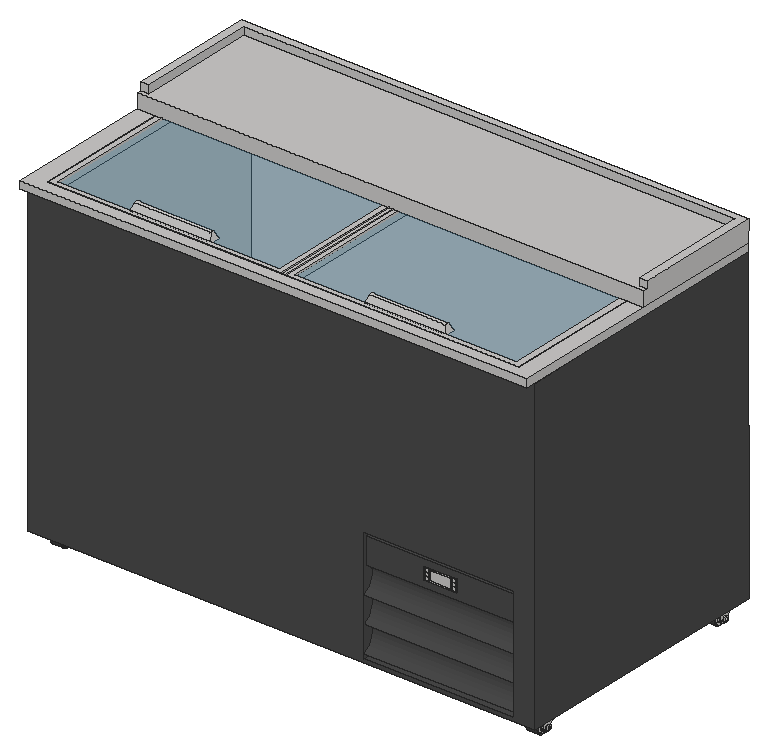
Revit family "QF_Kelvinator_738267_KCHBC50", category Specialty Equipment, Revit 2021
Family settings
  Round Connector Dimension = Use Diameter
  Part Type = Normal
  Work Plane-Based = No
  Always vertical = Yes
  Cut with Voids When Loaded = No
  Shared = No
  Room Calculation Point = No
Parameters
  Weight in Pounds = 180.779
  Weight = 98.00 lbm
  Watts = 0 W
  Volts = 115 V
  URL Manufacturer = "KELVINATOR"
  URL Cutsheet = ""
  URL = "KELVINATOR"
  Specification by User = ""
  Specification by Manufacturer = ""
  Serial Number = ""
  Seismic Rating = ""
  SMACNA No = ""
  Revision Code = ""
  Refrigerant Type = "R600a"
  Phase = 1
  Number of Poles = 1
  NAFEM Spec ID Number = ""
  Model = "KCHBC50"
  Min Ckt Ampacity = 0 A
  Max Overcurrent Protection = 0 A
  Masterspec = ""
  Manufacturer = "Kelvinator"
  Length Actual = 1255"
  Length = 49 7/16"
  Item Number = "738267"
  Installed By = ""
  Identify Quantity as Lot = yes
  Height Actual = 888"
  Height = 34 15/16"
  HP = "0.4 HP"
  Gas KW = 0
  Furnished By = ""
  Foodservice Equipment Identifier = yes
  FL Amps = 3 A
  Electrical Remarks = ""
  Electric Connection Type = ""
  Elec Conn RI Height = 0"
  Elec Conn Connection Height = 0"
  Description = "SLIDE TOP BOTTLE COOLER 50\" LONG"
  Depth Actual = 725"
  Depth = 27"
  Default Elevation = 0"
  Cycle = 60 Hz
  Conn Plug = "5-15P"
  Conn Conduit = yes
  CSI MasterFormat = ""
  Apparent Power = 0 VA
  Accessory = no
Reference planes (in)
  plane 1 "BACK": y = 0
  plane 2: z = 0
  plane 3 "LEFT": x = 0
  plane 4 "RIGHT": x = 49.4375
  plane 5 "FRONT": y = -27
  plane 6 "TOP": z = 34.9375
  plane 7 "Center Y": x = 24.71875
  plane 8 "Center X": y = -13.5
Dimensions and locks (in)
  equal spacing: plane 3 "LEFT", plane 7 "Center Y", plane 4 "RIGHT"
  "Length": plane 3 "LEFT" to plane 4 "RIGHT"
  equal spacing: plane 5 "FRONT", plane 8 "Center X", plane 1 "BACK"
  "Depth": plane 5 "FRONT" to plane 1 "BACK"
  "Height": plane 6 "TOP" to level
  aligned and locked: level to plane 2
Nested families (in)
  nested 1: "Family1" at (0, 0, 0), type "Family1"
Connectors (in)
  electrical at (24.7375, -1.3772776, 1.253312), driven by "Volts", driven by "Watts"
    settings: on nested 1, index 1, voltage 115 V, apparent load 0 VA, apparent load phase1 0 VA, apparent load phase2 0 VA, apparent load phase3 0 VA, power factor 1, load classification "Power", number of poles 1, system type 30, power factor state 1, is connector primary yes, connector utility no, sub classification motor no, connector description "Electrical Connection"
Definition of nested family "Family1"
  Parameters (values of type "Family1")
    Weight in Pounds = 0
    URL Cutsheet = ""
    Specification by User = ""
    Specification by Manufacturer = ""
    Serial Number = ""
    Seismic Rating = ""
    SMACNA No = ""
    Revision Code = ""
    NAFEM Spec ID Number = ""
    Masterspec = ""
    Length = 49 7/16"
    Item Number = ""
    Installed By = ""
    Identify Quantity as Lot = yes
    Height = 34 15/16"
    Furnished By = ""
    Foodservice Equipment Identifier = yes
    Depth = 28 9/16"
    Default Elevation = 0"
    CSI MasterFormat = ""
  Reference planes (in)
    plane 1 "BACK": y = 0
    plane 2: z = 0
    plane 3 "LEFT": x = 0
    plane 4 "RIGHT": x = 49.4375
    plane 5 "FRONT": y = -28.5625
    plane 6 "TOP": z = 34.9375
    plane 7 "Center Y": x = 24.71875
    plane 8 "Center X": y = -14.28125
    plane 9: y = -26.1
    plane 10: y = -27.22612
    plane 11: y = -12.7
    plane 12: z = 1.7375
    plane 13: x = 32.7875
    plane 14: z = 13.1375
    plane 15: z = 32
    plane 16: x = 24.5125
    plane 17: y = -14.6734706
    plane 18: x = 47.3875
    plane 19: x = 24.8875
    plane 20: x = 13.2625
    plane 21: x = 47.9
    plane 22: x = 1.5
    plane 23: y = -24.25
    plane 24: x = 1.7125
    plane 25: x = 2.3625
    plane 26: x = 40.0875
  Forms (in)
    Extrusion 1, solid
      sketch origin (0, 0, 0) x (0, 1, 0) y (0, 0, 1)
        loop
          line (-26.1, 32) -> (-26.1, 1.7375) -> (0, 1.7375) -> (0, 32) -> (-26.1, 32)
      from 0 to 49.4375
    Extrusion 2, solid
      sketch origin (0, 0, 0) x (0, 1, 0) y (0, 0, 1)
        loop
          line (-27, 32) -> (0, 32) -> (0, 32.75) -> (-27, 32.75) -> (-27, 32)
      from 0 to 49.4375
    Extrusion 3, solid
      sketch origin (0, 0, 0) x (0, 1, 0) y (0, 0, 1)
        loop
          line (-12.7, 32.75) -> (0, 32.75) -> (0, 34.1875) -> (-12.7, 34.1875) -> (-12.7, 32.75)
      from 0 to 49.4375
    Extrusion 4, solid
      sketch origin (0, 0.415591, 34.1875) x (0, -1, 0) y (1, 0, 0)
        loop
          line (0.415591, 49.4375) -> (0.415591, 0) -> (12.7, 0) -> (12.7, 0.75) -> (1.1119311, 0.75) -> (1.1119311, 48.6875) -> (12.7, 48.6875) -> (12.7, 49.4375) -> (0.415591, 49.4375)
      from 0 to 0.75
    Extrusion 5, void
      sketch origin (0, 0.25, 32.75) x (1, 0, 0) y (0, -1, 0)
        loop
          line (1.7125, 1.21875) -> (47.725, 1.21875) -> (47.725, 26.0859706) -> (1.7125, 26.0859706) -> (1.7125, 1.21875)
      from 0 to 18.6825758
    Extrusion 6, solid
      sketch origin (0, -28.5625, 32) x (1, 0, 0) y (0, -1, 0)
        loop
          line (1.7125, -18.2618728) -> (2.3625, -18.2618728) -> (2.3625, -3.2265294) -> (24.0125, -3.2265294) -> (24.0125, -18.2618728) -> (24.5125, -18.2618728) -> (24.5125, -2.7265294) -> (1.7125, -2.7265294) -> (1.7125, -18.2618728)
      from 0 to -0.75
    Extrusion 7, solid
      sketch origin (0, -28.5625, 32) x (1, 0, 0) y (0, -1, 0)
        loop
          line (2.3625, -18.2618728) -> (24.0125, -18.2618728) -> (24.0125, -3.2265294) -> (2.3625, -3.2265294) -> (2.3625, -18.2618728)
      from 0 to -0.575419
    Extrusion 8, solid
      sketch origin (0, -28.5625, 32) x (1, 0, 0) y (0, -1, 0)
        loop
          line (24.925, -2.7265294) -> (24.5125, -2.7265294) -> (24.5125, -27.8661599) -> (24.925, -27.8661599) -> (24.925, -2.7265294)
      from 0 to -0.75
    Extrusion 9, solid
      sketch origin (13.2625, -180, 32.575419) x (0, 0, -1) y (0, -1, 0)
        loop
          arc (0, -154.8113235) -> (-0.0214194, -154.7729055) -> (-0.0653605, -154.7709284) r 0.045163
          line (-0.0653605, -154.7709284) -> (-0.6603132, -155.0684048)
          arc (-0.6603132, -155.0684048) -> (-0.7580396, -155.2265294) -> (-0.6603132, -155.3846541) r 0.1767888
          line (-0.6603132, -155.3846541) -> (-0.0678487, -155.6808864)
          arc (-0.0678487, -155.6808864) -> (-0.0222348, -155.678834) -> (0, -155.6389536) r 0.0468823
          line (0, -155.6389536) -> (0, -154.8113235)
      from -4 to 4
    Extrusion 10, void
      sketch origin (13.2625, -180, 32.575419) x (0, 0, 1) y (0, -1, 0)
        loop
          line (0.5938363, -155.4178925) -> (0.5938363, -155.1678925) -> (0.174581, -154.9899292) -> (0.174581, -155.6275202) -> (0.5938363, -155.4178925)
      from -3.5 to 3.5
    Extrusion 11, void
      sketch origin (46.925, -25.3359706, 32) x (1, 0, 0) y (0, 0, 1)
        loop
          line (-37.6801171, 0.4552359) -> (-37.387554, 1.2590465)
          arc (-37.387554, 1.2590465) -> (-37.3393216, 1.3284672) -> (-37.2631056, 1.3650284) r 0.1655584
          line (-37.2631056, 1.3650284) -> (-37.2631056, 1.4651808) -> (-37.7908884, 1.4651808) -> (-37.7908884, 0.4552359) -> (-37.6801171, 0.4552359)
        loop
          line (-29.6448829, 0.4552359) -> (-29.5341116, 0.4552359) -> (-29.5341116, 1.4651808) -> (-30.0618944, 1.4651808) -> (-30.0618944, 1.3650284)
          arc (-30.0618944, 1.3650284) -> (-29.9856784, 1.3284672) -> (-29.937446, 1.2590465) r 0.1655584
          line (-29.937446, 1.2590465) -> (-29.6448829, 0.4552359)
      from -0.0455259 to -1.0807178
    Extrusion 12, void
      sketch origin (47.3875, -25.7734706, 48) x (0, -1, 0) y (0, 0, -1)
        loop
          line (0.8265294, 38.2375) -> (0.8265294, 40.5945508) -> (0.3265294, 40.5945508) -> (0.3265294, 40.3445508)
          arc (0.3265294, 40.3445508) -> (-0.5304797, 39.4641326) -> (-0.6010014, 38.2375) r 1.7567437
          line (-0.6010014, 38.2375) -> (0.8265294, 38.2375)
      from 0 to -14.6
    Extrusion 13, void
      sketch origin (47.3875, -25.7734706, 48) x (0, -1, 0) y (0, 0, -1)
        loop
          line (0.8265294, 40.8) -> (0.8265294, 43.1570508) -> (0.3265294, 43.1570508) -> (0.3265294, 42.9070508)
          arc (0.3265294, 42.9070508) -> (-0.5304797, 42.0266326) -> (-0.6010014, 40.8) r 1.7567437
          line (-0.6010014, 40.8) -> (0.8265294, 40.8)
      from 0 to -14.6
    Extrusion 14, void
      sketch origin (47.3875, -25.7734706, 48) x (0, -1, 0) y (0, 0, -1)
        loop
          line (0.8265294, 43.3625) -> (0.8265294, 45.7195508) -> (0.3265294, 45.7195508) -> (0.3265294, 45.4695508)
          arc (0.3265294, 45.4695508) -> (-0.5304797, 44.5891326) -> (-0.6010014, 43.3625) r 1.7567437
          line (-0.6010014, 43.3625) -> (0.8265294, 43.3625)
      from 0 to -14.6
    Extrusion 15, void
      sketch origin (47.3875, -25.7734706, 48) x (0, -1, 0) y (0, 0, -1)
        loop
          line (0.3265294, 37.7791703) -> (0.0765294, 37.7791703) -> (0.0765294, 35.3125) -> (0.3265294, 35.3125) -> (0.3265294, 37.7791703)
      from 0 to -14.6
    Extrusion 16, void
      sketch origin (47.3875, -25.7734706, 48) x (0, -1, 0) y (0, 0, -1)
        loop
          line (0.3265294, 35.3125) -> (-0.9234706, 35.3125) -> (-0.9234706, 37.7791703) -> (0.3265294, 37.7791703) -> (0.3265294, 38.2375) -> (-0.9234706, 38.2375) -> (-0.9234706, 40.3445508) -> (0.3265294, 40.3445508) -> (0.3265294, 40.8) -> (-0.9234706, 40.8) -> (-0.9234706, 42.9070508) -> (0.3265294, 42.9070508) -> (0.3265294, 43.3625) -> (-0.9234706, 43.3625) -> (-0.9234706, 45.4695508) -> (0.3265294, 45.4695508) -> (0.3265294, 45.9629862) -> (-1.1734706, 45.9629862) -> (-1.1734706, 34.8625) -> (0.3265294, 34.8625) -> (0.3265294, 35.3125)
      from 0 to -14.6
    Extrusion 17, solid
      sketch origin (0, 0, 1.7375) x (-1, 0, 0) y (0, 1, 0)
        loop
          circle (-24.7375, -1.3772776) r 0.25
      from 0 to 0.484188
    Extrusion 18, solid
      sketch origin (49.4375, -28.5625, 32) x (1, 0, 0) y (0, -1, 0)
        loop
          line (-1.7125, -18.2618728) -> (-1.7125, -2.7265294) -> (-24.5125, -2.7265294) -> (-24.5125, -18.2618728) -> (-24.0125, -18.2618728) -> (-24.0125, -3.2265294) -> (-2.3625, -3.2265294) -> (-2.3625, -18.2618728) -> (-1.7125, -18.2618728)
      from 0 to -0.75
    Extrusion 19, solid
      sketch origin (49.4375, -28.5625, 32) x (1, 0, 0) y (0, -1, 0)
        loop
          line (-2.3625, -18.2618728) -> (-2.3625, -3.2265294) -> (-24.0125, -3.2265294) -> (-24.0125, -18.2618728) -> (-2.3625, -18.2618728)
      from 0 to -0.575419
    Extrusion 20, solid
      sketch origin (36.175, -180, 32.575419) x (0, 0, -1) y (0, 1, 0)
        loop
          line (0, 154.8113235) -> (0, 155.6389536)
          arc (0, 155.6389536) -> (-0.0222348, 155.678834) -> (-0.0678487, 155.6808864) r 0.0468823
          line (-0.0678487, 155.6808864) -> (-0.6603132, 155.3846541)
          arc (-0.6603132, 155.3846541) -> (-0.7580396, 155.2265294) -> (-0.6603132, 155.0684048) r 0.1767888
          line (-0.6603132, 155.0684048) -> (-0.0653605, 154.7709284)
          arc (-0.0653605, 154.7709284) -> (-0.0214194, 154.7729055) -> (0, 154.8113235) r 0.045163
      from -4 to 4
    Extrusion 21, void
      sketch origin (36.175, -180, 32.575419) x (0, 0, 1) y (0, 1, 0)
        loop
          line (0.5938363, 155.4178925) -> (0.174581, 155.6275202) -> (0.174581, 154.9899292) -> (0.5938363, 155.1678925) -> (0.5938363, 155.4178925)
      from -3.5 to 3.5
    Extrusion 22, void
      sketch origin (2.5125, -25.3359706, 32) x (-1, 0, 0) y (0, 0, -1)
        loop
          line (-37.6801171, -0.4552359) -> (-37.7908884, -0.4552359) -> (-37.7908884, -1.4651808) -> (-37.2631056, -1.4651808) -> (-37.2631056, -1.3650284)
          arc (-37.2631056, -1.3650284) -> (-37.3393216, -1.3284672) -> (-37.387554, -1.2590465) r 0.1655584
          line (-37.387554, -1.2590465) -> (-37.6801171, -0.4552359)
        loop
          line (-29.6448829, -0.4552359) -> (-29.937446, -1.2590465)
          arc (-29.937446, -1.2590465) -> (-29.9856784, -1.3284672) -> (-30.0618944, -1.3650284) r 0.1655584
          line (-30.0618944, -1.3650284) -> (-30.0618944, -1.4651808) -> (-29.5341116, -1.4651808) -> (-29.5341116, -0.4552359) -> (-29.6448829, -0.4552359)
      from -0.0455259 to -1.0807178
    Extrusion 23, solid
      sketch origin (-4.1626283, -25.85, 2.3678693) x (-1, 0, 0) y (0, 0, 1)
        loop
          line (-42.6753252, 9.7077236) -> (-45.8249315, 9.7077236) -> (-45.8249315, 8.5266213) -> (-42.6753252, 8.5266213) -> (-42.6753252, 9.7077236)
        loop
          line (-42.7540653, 9.6310736) -> (-43.1477661, 9.6310736) -> (-43.1477661, 9.3119328) -> (-42.7540653, 9.3119328) -> (-42.7540653, 9.6310736)
        loop
          line (-42.7540653, 9.2767428) -> (-43.1477661, 9.2767428) -> (-43.1477661, 8.957602) -> (-42.7540653, 8.957602) -> (-42.7540653, 9.2767428)
        loop
          line (-42.7540653, 8.9224121) -> (-43.1477661, 8.9224121) -> (-43.1477661, 8.6032713) -> (-42.7540653, 8.6032713) -> (-42.7540653, 8.9224121)
        loop
          line (-45.7461913, 9.6310736) -> (-45.7461913, 9.3119328) -> (-45.3524906, 9.3119328) -> (-45.3524906, 9.6310736) -> (-45.7461913, 9.6310736)
        loop
          line (-45.7461913, 9.2767428) -> (-45.7461913, 8.957602) -> (-45.3524906, 8.957602) -> (-45.3524906, 9.2767428) -> (-45.7461913, 9.2767428)
        loop
          line (-45.7461913, 8.9224121) -> (-45.7461913, 8.6032713) -> (-45.3524906, 8.6032713) -> (-45.3524906, 8.9224121) -> (-45.7461913, 8.9224121)
        loop
          line (-43.2252506, 9.6310736) -> (-45.275006, 9.6310736) -> (-45.275006, 8.6071621) -> (-43.2252506, 8.6071621) -> (-43.2252506, 9.6310736)
      from 0.0787402 to -0.0460214
    Extrusion 24, solid
      sketch origin (-4.1626283, -25.8960214, 2.3678693) x (1, 0, 0) y (0, 0, 1)
        loop
          line (45.3524906, 9.6310736) -> (45.3524906, 9.3119328) -> (45.7461913, 9.3119328) -> (45.7461913, 9.6310736) -> (45.3524906, 9.6310736)
        loop
          line (45.3524906, 9.2767428) -> (45.3524906, 8.957602) -> (45.7461913, 8.957602) -> (45.7461913, 9.2767428) -> (45.3524906, 9.2767428)
        loop
          line (45.3524906, 8.9224121) -> (45.3524906, 8.6032713) -> (45.7461913, 8.6032713) -> (45.7461913, 8.9224121) -> (45.3524906, 8.9224121)
        loop
          line (43.1477661, 9.6310736) -> (42.7540653, 9.6310736) -> (42.7540653, 9.3119328) -> (43.1477661, 9.3119328) -> (43.1477661, 9.6310736)
        loop
          line (43.1477661, 9.2767428) -> (42.7540653, 9.2767428) -> (42.7540653, 8.957602) -> (43.1477661, 8.957602) -> (43.1477661, 9.2767428)
        loop
          line (43.1477661, 8.9224121) -> (42.7540653, 8.9224121) -> (42.7540653, 8.6032713) -> (43.1477661, 8.6032713) -> (43.1477661, 8.9224121)
      from 0 to -0.0787402
    Extrusion 25, solid
      sketch origin (-4.1626283, -25.8960214, 2.3678693) x (1, 0, 0) y (0, 0, 1)
        loop
          line (43.2252506, 9.6310736) -> (43.2252506, 8.6071621) -> (45.275006, 8.6071621) -> (45.275006, 9.6310736) -> (43.2252506, 9.6310736)
      from 0 to -0.0787402
    Extrusion 26, void
      sketch origin (-4.1626283, -25.85, 2.3678693) x (-1, 0, 0) y (0, 0, 1)
        loop
          line (-42.6753252, 9.7077236) -> (-45.8249315, 9.7077236) -> (-45.8249315, 8.5266213) -> (-42.6753252, 8.5266213) -> (-42.6753252, 9.7077236)
      from 0 to 0.0787402
  Cuts and joins
    Extrusion 11 cuts Extrusion 3
    Extrusion 11 cuts Extrusion 4
    joined: Extrusion 3, Extrusion 4
    Extrusion 5, Extrusion 12, Extrusion 13, Extrusion 14, Extrusion 15, Extrusion 16 cuts Extrusion 1
    Extrusion 5, Extrusion 10, Extrusion 11 cuts Extrusion 2
    Extrusion 10 cuts Extrusion 6
    Extrusion 10, Extrusion 11, Extrusion 21, Extrusion 22 cuts Extrusion 9
    Extrusion 21, Extrusion 22 cuts Extrusion 20
    Extrusion 22 cuts Extrusion 7
    Extrusion 26 cuts Extrusion 23
  Lines and regions (in)
    Split face 1
      outline origin (1.7125, -10.3006272, 32.75) x (0, -1, 0) y (1, 0, 0)
        loop
          line (15.0353433, 0.65) -> (15.5353433, 0)
        loop
          line (15.0353433, 22.3) -> (15.5353433, 22.8)
    Split face 2
      outline origin (49.4375, -28.5625, 32.75) x (1, 0, 0) y (0, 1, 0)
        loop
          line (-24.0125, 3.2265294) -> (-24.5125, 2.7265294)
        loop
          line (-2.3625, 3.2265294) -> (-1.7125, 2.7265294)
    symbolic lines
      curve 1: line (0.75, -0.6963401, 0) -> (48.6875, -0.6963401, 0)
      curve 2: line (49.4375, 0, 0) -> (0, 0, 0)
      curve 3: line (0.75, -12.284409, 0) -> (0.75, -0.6963401, 0)
      curve 4: line (0, 0, 0) -> (0, -27, 0)
      curve 5: line (49.4375, -27, 0) -> (49.4375, 0, 0)
      curve 6: line (48.6875, -0.6963401, 0) -> (48.6875, -12.284409, 0)
      curve 7: line (48.6875, -12.284409, 0) -> (49.4375, -12.284409, 0)
      curve 8: line (0, -12.7, 0) -> (49.4375, -12.7, 0)
      curve 9: line (0, -12.284409, 0) -> (0.75, -12.284409, 0)
      curve 10: line (0, -27, 0) -> (49.4375, -27, 0)
      curve 11: line (1.7125, -25.8359706, 0) -> (47.725, -25.8359706, 0)
      curve 12: line (1.7125, -12.7, 0) -> (1.7125, -25.8359706, 0)
      curve 13: line (2.3625, -12.7, 0) -> (2.3625, -25.3359706, 0)
      curve 14: line (24.5125, -12.7, 0) -> (24.5125, -25.8359706, 0)
      curve 15: line (24.0125, -12.7, 0) -> (24.0125, -25.3359706, 0)
      curve 16: line (24.925, -12.7, 0) -> (24.925, -25.8359706, 0)
      curve 17: line (24.0125, -25.3359706, 0) -> (2.3625, -25.3359706, 0)
      curve 18: line (24.0125, -25.3359706, 0) -> (24.5125, -25.8359706, 0)
      curve 19: line (2.3625, -25.3359706, 0) -> (1.7125, -25.8359706, 0)
      curve 20: line (16.7625, -24.5821075, 0) -> (9.7625, -24.5821075, 0)
      curve 21: line (9.7625, -24.3724798, 0) -> (16.7625, -24.3724798, 0)
      curve 22: line (9.2859374, -24.3318972, 0) -> (9.2859374, -25.217184, 0)
      curve 23: line (9.5390085, -24.6270031, 0) -> (9.5390085, -24.9199381, 0)
      curve 24: line (9.3136281, -24.3190352, 0) -> (9.5390085, -24.6270031, 0)
      curve 25: line (9.5390085, -24.9199381, 0) -> (9.3124709, -25.2294293, 0)
      curve 26: spline (9.2859374, -24.3318972, 0) -> (9.2876865, -24.3276055, 0) -> (9.2896293, -24.3237953, 0) -> (9.2917416, -24.3205142, 0) -> (9.2939973, -24.3178029, 0) -> (9.2963682, -24.3156951, 0) -> (9.2988249, -24.3142171, 0) -> (9.3013368, -24.3133873, 0) -> (9.3038726, -24.3132159, 0) -> (9.3064008, -24.3137051, 0) -> (9.3088899, -24.3148489, 0) -> (9.3113091, -24.316633, 0) -> (9.3136281, -24.3190352, 0)
      curve 27: spline (9.3124709, -25.2294293, 0) -> (9.3102403, -25.2316061, 0) -> (9.3079198, -25.2332121, 0) -> (9.305537, -25.2342282, 0) -> (9.3031202, -25.2346423, 0) -> (9.3006982, -25.2344495, 0) -> (9.2982997, -25.2336522, 0) -> (9.2959532, -25.2322597, 0) -> (9.2936867, -25.2302887, 0) -> (9.2915269, -25.2277625, 0) -> (9.2894998, -25.2247112, 0) -> (9.2876292, -25.221171, 0) -> (9.2859374, -25.217184, 0)
      curve 28: line (16.7625, -24.5821075, 0) -> (16.7625, -24.3724798, 0)
      curve 29: line (9.7625, -24.5821075, 0) -> (9.7625, -24.3724798, 0)
      curve 30: line (9.2760139, -24.3141604, 0) -> (17.2174258, -24.3141604, 0)
      curve 31: line (9.3063412, -25.2339541, 0) -> (17.2259859, -25.2339541, 0)
      curve 32: spline (40.1375, -25.2282725, 0) -> (40.1363033, -25.2298979, 0) -> (40.1350678, -25.231253, 0) -> (40.1338008, -25.2323298, 0) -> (40.1325094, -25.2331222, 0) -> (40.1312011, -25.2336255, 0) -> (40.1298836, -25.233837, 0) -> (40.1285643, -25.2337553, 0) -> (40.127251, -25.2333809, 0) -> (40.1259513, -25.232716, 0) -> (40.1246725, -25.2317645, 0) -> (40.1234221, -25.2305318, 0) -> (40.1222074, -25.2290251, 0)
      curve 33: line (17.2390626, -24.3318972, 0) -> (17.2390626, -25.217184, 0)
      curve 34: line (16.9859915, -24.6270031, 0) -> (16.9859915, -24.9199381, 0)
      curve 35: line (17.2113719, -24.3190352, 0) -> (16.9859915, -24.6270031, 0)
      curve 36: line (16.9859915, -24.9199381, 0) -> (17.2125291, -25.2294293, 0)
      curve 37: spline (17.2390626, -24.3318972, 0) -> (17.2373135, -24.3276055, 0) -> (17.2353707, -24.3237953, 0) -> (17.2332584, -24.3205142, 0) -> (17.2310027, -24.3178029, 0) -> (17.2286318, -24.3156951, 0) -> (17.2261751, -24.3142171, 0) -> (17.2236632, -24.3133873, 0) -> (17.2211274, -24.3132159, 0) -> (17.2185992, -24.3137051, 0) -> (17.2161101, -24.3148489, 0) -> (17.2136909, -24.316633, 0) -> (17.2113719, -24.3190352, 0)
      curve 38: spline (17.2125291, -25.2294293, 0) -> (17.2147597, -25.2316061, 0) -> (17.2170802, -25.2332121, 0) -> (17.219463, -25.2342282, 0) -> (17.2218798, -25.2346423, 0) -> (17.2243018, -25.2344495, 0) -> (17.2267003, -25.2336522, 0) -> (17.2290468, -25.2322597, 0) -> (17.2313133, -25.2302887, 0) -> (17.2334731, -25.2277625, 0) -> (17.2355002, -25.2247112, 0) -> (17.2373708, -25.221171, 0) -> (17.2390626, -25.217184, 0)
      curve 39: line (39.675, -24.5821075, 0) -> (32.675, -24.5821075, 0)
      curve 40: line (32.675, -24.3724798, 0) -> (39.675, -24.3724798, 0)
      curve 41: line (32.1984374, -24.3318972, 0) -> (32.1984374, -25.217184, 0)
      curve 42: line (32.4515085, -24.6270031, 0) -> (32.4515085, -24.9199381, 0)
      curve 43: line (32.2261281, -24.3190352, 0) -> (32.4515085, -24.6270031, 0)
      curve 44: line (32.4515085, -24.9199381, 0) -> (32.2249709, -25.2294293, 0)
      curve 45: spline (32.1984374, -24.3318972, 0) -> (32.2001865, -24.3276055, 0) -> (32.2021293, -24.3237953, 0) -> (32.2042416, -24.3205142, 0) -> (32.2064973, -24.3178029, 0) -> (32.2088682, -24.3156951, 0) -> (32.2113249, -24.3142171, 0) -> (32.2138368, -24.3133873, 0) -> (32.2163726, -24.3132159, 0) -> (32.2189008, -24.3137051, 0) -> (32.2213899, -24.3148489, 0) -> (32.2238091, -24.316633, 0) -> (32.2261281, -24.3190352, 0)
      curve 46: spline (32.2249709, -25.2294293, 0) -> (32.2227403, -25.2316061, 0) -> (32.2204198, -25.2332121, 0) -> (32.218037, -25.2342282, 0) -> (32.2156202, -25.2346423, 0) -> (32.2131982, -25.2344495, 0) -> (32.2107997, -25.2336522, 0) -> (32.2084532, -25.2322597, 0) -> (32.2061867, -25.2302887, 0) -> (32.2040269, -25.2277625, 0) -> (32.2019998, -25.2247112, 0) -> (32.2001292, -25.221171, 0) -> (32.1984374, -25.217184, 0)
      curve 47: line (39.675, -24.5821075, 0) -> (39.675, -24.3724798, 0)
      curve 48: line (32.675, -24.5821075, 0) -> (32.675, -24.3724798, 0)
      curve 49: line (32.1885139, -24.3141604, 0) -> (40.1299258, -24.3141604, 0)
      curve 50: line (32.2188412, -25.2339541, 0) -> (40.1384859, -25.2339541, 0)
      curve 51: line (40.1515626, -24.3318972, 0) -> (40.1515626, -25.217184, 0)
      curve 52: line (39.8984915, -24.6270031, 0) -> (39.8984915, -24.9199381, 0)
      curve 53: line (40.1238719, -24.3190352, 0) -> (39.8984915, -24.6270031, 0)
      curve 54: line (39.8984915, -24.9199381, 0) -> (40.1250291, -25.2294293, 0)
      curve 55: spline (40.1515626, -24.3318972, 0) -> (40.1498135, -24.3276055, 0) -> (40.1478707, -24.3237953, 0) -> (40.1457584, -24.3205142, 0) -> (40.1435027, -24.3178029, 0) -> (40.1411318, -24.3156951, 0) -> (40.1386751, -24.3142171, 0) -> (40.1361632, -24.3133873, 0) -> (40.1336274, -24.3132159, 0) -> (40.1310992, -24.3137051, 0) -> (40.1286101, -24.3148489, 0) -> (40.1261909, -24.316633, 0) -> (40.1238719, -24.3190352, 0)
      curve 56: spline (40.1250291, -25.2294293, 0) -> (40.1272597, -25.2316061, 0) -> (40.1295802, -25.2332121, 0) -> (40.131963, -25.2342282, 0) -> (40.1343798, -25.2346423, 0) -> (40.1368018, -25.2344495, 0) -> (40.1392003, -25.2336522, 0) -> (40.1415468, -25.2322597, 0) -> (40.1438133, -25.2302887, 0) -> (40.1459731, -25.2277625, 0) -> (40.1480002, -25.2247112, 0) -> (40.1498708, -25.221171, 0) -> (40.1515626, -25.217184, 0)
      curve 57: line (25.425, -25.3359706, 0) -> (25.425, -12.7, 0)
      curve 58: line (47.075, -25.3359706, 0) -> (25.425, -25.3359706, 0)
      curve 59: line (47.075, -12.7, 0) -> (47.075, -25.3359706, 0)
      curve 60: line (47.725, -25.8359706, 0) -> (47.725, -12.7, 0)
      curve 61: line (25.425, -25.3359706, 0) -> (24.925, -25.8359706, 0)
      curve 62: line (47.075, -25.3359706, 0) -> (47.725, -25.8359706, 0)
  Dimensions and locks (in)
    equal spacing: plane 3 "LEFT", plane 7 "Center Y", plane 4 "RIGHT"
    "Length": plane 3 "LEFT" to plane 4 "RIGHT"
    equal spacing: plane 5 "FRONT", plane 8 "Center X", plane 1 "BACK"
    "Depth": plane 5 "FRONT" to plane 1 "BACK"
    "Height": plane 6 "TOP" to level
    plane 9 to plane 1 "BACK" = 26.1"
    plane 10 to plane 1 "BACK" = 27.22612"
    plane 11 to plane 1 "BACK" = 12.7"
    plane 6 "TOP" to plane 12 = 33.2"
    plane 11 to plane 8 "Center X" = 1.58125"
    cut or joined group of Extrusion 2, Extrusion 5, Extrusion 10, Extrusion 11 to plane 17 = 11.1625"
    cut or joined group of Extrusion 6, Extrusion 10 to cut or joined group of Extrusion 6, Extrusion 10 = 22.8"
    Extrusion 18 to Extrusion 18 = 22.8"
    plane 14 to cut or joined group of Extrusion 1, Extrusion 5, Extrusion 12, Extrusion 13, Extrusion 14, Extrusion 15, Extrusion 16 = 11.4"
    plane 18 to plane 13 = 14.6"
    aligned and locked: level to plane 2
    aligned and locked: plane 21 to nested 1
    aligned and locked: cut or joined group of Extrusion 1, Extrusion 5, Extrusion 12, Extrusion 13, Extrusion 14, Extrusion 15, Extrusion 16 to plane 4 "RIGHT"
  Automatic sketch dimensions
    curve 4 to plane 3 "LEFT" = 0"
    plane 11 to curve 12 = 0"
    curve 12 to plane 24 = 0"
    curve 17 to plane 25 = 0"
    curve 18 to plane 16 = 0"
    curve 14 to plane 16 = 0"
    curve 10 to plane 4 "RIGHT" = 0"
    curve 10 to plane 5 "FRONT" = 1 9/16"
    plane 1 "BACK" to curve 2 = 0"
    plane 3 "LEFT" to curve 3 = 3/4"
    curve 22 to plane 23 = 0.0819"
    plane 20 to curve 22 = 3 125/128"
    curve 25 to plane 9 = 0.87057"
    curve 27 to curve 25 = 0.02653"
    curve 24 to plane 23 = 0.06904"
    curve 26 to curve 24 = 0.02769"
    curve 25 to curve 23 = 0.22654"
    curve 23 to curve 29 = 0.22349"
    curve 20 to plane 23 = 0.33211"
    curve 20 to plane 20 = 3 1/2"
    curve 20 to curve 34 = 0.22349"
    curve 35 to plane 23 = 0.06904"
    curve 34 to curve 35 = 0.22538"
    curve 36 to plane 9 = 0.87057"
    curve 34 to curve 36 = 0.22654"
    curve 37 to curve 33 = 0.02769"
    curve 18 to plane 16 = 1/2"
    curve 61 to plane 19 = 0.5375"
    curve 41 to plane 23 = 0.0819"
    curve 41 to plane 13 = 0.58906"
    curve 44 to plane 9 = 0.87057"
    curve 41 to curve 44 = 0.02653"
    curve 43 to plane 23 = 0.06904"
    curve 45 to curve 43 = 0.02769"
    curve 44 to plane 23 = 0.66994"
    curve 44 to curve 44 = 0.22654"
    curve 48 to plane 23 = 0.12248"
    curve 42 to curve 48 = 0.22349"
    curve 39 to plane 23 = 0.33211"
    curve 39 to plane 26 = 0.4125"
    curve 54 to plane 23 = 0.66994"
    curve 39 to curve 54 = 0.22349"
    curve 53 to plane 23 = 0.06904"
    curve 52 to curve 53 = 0.22538"
    curve 54 to plane 9 = 0.87057"
    curve 52 to curve 54 = 0.22654"
    curve 53 to curve 51 = 0.02769"
    plane 18 to curve 58 = 5/16"
    curve 62 to plane 21 = 0.175"
    plane 4 "RIGHT" to curve 1 = 3/4"
    curve 11 to plane 9 = 0.26403"
    curve 19 to plane 9 = 0.76403"
    curve 16 to curve 57 = 1/2"
    curve 27 to curve 22 = 0.01225"
    curve 56 to curve 51 = 0.01225"
    curve 44 to curve 41 = 0.01225"
    curve 38 to curve 33 = 0.01225"
    curve 25 to curve 23 = 0.30949"
    curve 36 to curve 36 = 0.30949"
    curve 53 to curve 39 = 0.0449"
    curve 43 to curve 39 = 0.0449"
    curve 23 to curve 20 = 0.0449"
    curve 35 to curve 20 = 0.0449"
    curve 21 to plane 23 = 0.12248"
    curve 51 to curve 53 = 0.01286"
    curve 33 to curve 37 = 0.01286"
    curve 7 to plane 11 = 0.41559"
    curve 3 to plane 11 = 0.41559"
    plane 1 "BACK" to curve 3 = 0.69634"
    curve 30 to curve 22 = 0.00992"
    curve 27 to curve 27 = 0.00979"
    curve 26 to curve 26 = 0.01732"
    curve 27 to curve 31 = 0.00366"
    curve 37 to curve 30 = 0.00605"
    curve 30 to curve 37 = 0.00431"
    curve 38 to curve 38 = 0.00979"
    curve 38 to curve 31 = 0.00366"
    curve 16 to plane 19 = 0.0375"
    curve 61 to curve 16 = 0"
    curve 49 to curve 41 = 0.00992"
    curve 41 to curve 46 = 0.01674"
    curve 45 to curve 45 = 0.01732"
    curve 46 to curve 50 = 0.00366"
    curve 32 to curve 54 = 0.00282"
    curve 32 to curve 51 = 0.02197"
    curve 53 to curve 49 = 0.00605"
    curve 49 to curve 55 = 0.00431"
    curve 32 to curve 56 = 0.00523"
    curve 56 to curve 32 = 0.00268"
    curve 56 to curve 50 = 0.00366"
    curve 38 to curve 38 = 0.00522"
    curve 46 to curve 44 = 0.00522"
    curve 56 to curve 32 = 0.00081"
    curve 54 to curve 32 = 0.0004"
    curve 50 to curve 32 = 0.00568"
    curve 26 to curve 26 = 0.03442"
    curve 45 to curve 45 = 0.03442"
    curve 55 to curve 51 = 0.03442"
    curve 37 to curve 33 = 0.03442"
    Extrusion 1 sketch curve to plane 9 = 0"
    Extrusion 1 sketch curve to plane 1 "BACK" = 0"
    Extrusion 1 sketch curve to plane 12 = 0"
    Extrusion 1 sketch curve to plane 15 = 0"
    Extrusion 3 sketch curve to plane 11 = 0"
    Extrusion 3 sketch curve to plane 1 "BACK" = 0"
    plane 15 to Extrusion 3 sketch curve = 3/4"
    Extrusion 3 sketch curve to plane 6 "TOP" = 3/4"
    Extrusion 4 sketch curve to Extrusion 3 = 0"  (x3)
    Extrusion 3 to Extrusion 4 sketch curve = 0.69634"
    Extrusion 4 sketch curve to Extrusion 3 = 0.41559"  (x2)
    Extrusion 3 to Extrusion 4 sketch curve = 3/4"  (x2)
    Extrusion 2 to Extrusion 5 sketch curve = 1.7125"  (x2)
    Extrusion 2 to Extrusion 5 sketch curve = 31/32"
    Extrusion 6 sketch curve to Extrusion 2 = 1.7125"
    Extrusion 6 sketch curve to Extrusion 6 sketch curve = 0.65"
    Extrusion 6 sketch curve to Extrusion 6 sketch curve = 21.65"
    Extrusion 6 sketch curve to Extrusion 6 sketch curve = 1/2"  (x2)
    Extrusion 6 sketch curve to Extrusion 2 = 10.30063"  (x2)
    Extrusion 7 sketch curve to Extrusion 2 = 2.3625"
    Extrusion 7 sketch curve to Extrusion 7 sketch curve = 21.65"
    Extrusion 7 sketch curve to Extrusion 2 = 10.30063"
    Extrusion 8 sketch curve to Extrusion 2 = 24.5125"
    Extrusion 8 sketch curve to Extrusion 8 sketch curve = 0.4125"
    Extrusion 8 sketch curve to Extrusion 2 = 0.69634"
    plane 15 to Extrusion 9 sketch curve = 1.23573"
    Extrusion 9 sketch curve to plane 23 = 0.36535"
    Extrusion 9 sketch curve to Extrusion 9 sketch curve = 0"
    Extrusion 9 sketch curve to Extrusion 9 sketch curve = 0.07906"
    Extrusion 9 sketch curve to plane 23 = 0.06911"
    plane 15 to Extrusion 9 sketch curve = 0.64327"
    plane 15 to Extrusion 9 sketch curve = 0.64078"
    Extrusion 9 sketch curve to Extrusion 9 sketch curve = 0.02097"
    Extrusion 9 sketch curve to Extrusion 9 sketch curve = 0.0202"
    Extrusion 9 sketch curve to Extrusion 9 sketch curve = 0.04516"
    Extrusion 9 sketch curve to Extrusion 9 sketch curve = 0.15812"
    Extrusion 9 sketch curve to Extrusion 9 sketch curve = 0.25708"
    Extrusion 10 sketch curve to plane 23 = 0.12248"
    plane 15 to Extrusion 10 sketch curve = 3/4"
    Extrusion 10 sketch curve to plane 23 = 0.58211"
    Extrusion 10 sketch curve to Extrusion 10 sketch curve = 0.41926"
    Extrusion 10 sketch curve to Extrusion 10 sketch curve = 1/4"
    Extrusion 10 sketch curve to Extrusion 10 sketch curve = 0.17796"
    plane 15 to Extrusion 11 sketch curve = 1.46518"
    plane 20 to Extrusion 11 sketch curve = 4.12839"
    Extrusion 11 sketch curve to Extrusion 11 sketch curve = 0.11077"  (x2)
    plane 15 to Extrusion 11 sketch curve = 1.25905"  (x2)
    Extrusion 11 sketch curve to Extrusion 11 sketch curve = 0.40333"
    Extrusion 11 sketch curve to Extrusion 11 sketch curve = 0.12445"  (x2)
    Extrusion 11 sketch curve to Extrusion 11 sketch curve = 0.15557"
    plane 15 to Extrusion 11 sketch curve = 1.20242"
    Extrusion 11 sketch curve to plane 20 = 3.56948"
    Extrusion 11 sketch curve to Extrusion 11 sketch curve = 0.03113"
    Extrusion 11 sketch curve to Extrusion 11 sketch curve = 0.29256"
    plane 15 to Extrusion 11 sketch curve = 0.45524"  (x2)
    Extrusion 11 sketch curve to Extrusion 11 sketch curve = 0.05662"
    Extrusion 11 sketch curve to Extrusion 11 sketch curve = 0.20613"
    Extrusion 12 sketch curve to plane 9 = 0"
    plane 23 to Extrusion 12 sketch curve = 0.92247"
    Extrusion 12 sketch curve to Extrusion 12 sketch curve = 1/2"
    plane 10 to Extrusion 12 sketch curve = 0.37528"
    Extrusion 12 sketch curve to plane 12 = 5 171/256"
    Extrusion 12 sketch curve to Extrusion 12 sketch curve = 1/4"
    Extrusion 12 sketch curve to Extrusion 12 sketch curve = 1.5882"
    Extrusion 13 sketch curve to plane 9 = 0"
    plane 23 to Extrusion 13 sketch curve = 0.92247"
    Extrusion 13 sketch curve to Extrusion 13 sketch curve = 1/2"
    plane 10 to Extrusion 13 sketch curve = 0.37528"
    Extrusion 13 sketch curve to plane 12 = 3 27/256"
    Extrusion 13 sketch curve to Extrusion 13 sketch curve = 1/4"
    Extrusion 13 sketch curve to Extrusion 13 sketch curve = 1.5882"
    Extrusion 14 sketch curve to plane 9 = 0"
    plane 23 to Extrusion 14 sketch curve = 0.92247"
    Extrusion 14 sketch curve to plane 9 = 1/2"
    plane 10 to Extrusion 14 sketch curve = 0.37528"
    Extrusion 14 sketch curve to plane 12 = 139/256"
    Extrusion 14 sketch curve to Extrusion 14 sketch curve = 1/4"
    Extrusion 14 sketch curve to Extrusion 14 sketch curve = 1.5882"
    Extrusion 15 sketch curve to plane 9 = 0"
    plane 9 to Extrusion 15 sketch curve = 1/4"
    plane 14 to Extrusion 15 sketch curve = 2.91667"
    plane 14 to Extrusion 15 sketch curve = 0.45"
    Extrusion 16 sketch curve to plane 14 = 0"
    Extrusion 16 sketch curve to plane 9 = 0"  (x5)
    plane 23 to Extrusion 16 sketch curve = 0.6"  (x2)
    Extrusion 16 sketch curve to Extrusion 16 sketch curve = 0"  (x2)
    plane 23 to Extrusion 16 sketch curve = 0.35"
    plane 14 to Extrusion 16 sketch curve = 0.45"
    Extrusion 16 sketch curve to Extrusion 16 sketch curve = 2.46667"
    Extrusion 16 sketch curve to Extrusion 16 sketch curve = 0.45833"
    Extrusion 16 sketch curve to Extrusion 16 sketch curve = 2.10705"  (x2)
    Extrusion 16 sketch curve to Extrusion 16 sketch curve = 0.45545"  (x2)
    Extrusion 16 sketch curve to plane 12 = 203/256"
    Extrusion 16 sketch curve to plane 12 = 0.29951"
    Split face 1 sketch curve to cut or joined group of Extrusion 6, Extrusion 10 = 0"  (x7)
    cut or joined group of Extrusion 6, Extrusion 10 to Split face 1 sketch curve = 0"
    Extrusion 1 to Extrusion 17 sketch curve = 1.37728"
    Extrusion 17 sketch curve to Extrusion 1 = 24.7"
    Extrusion 18 sketch curve to Extrusion 2 = 10.30063"  (x2)
    Extrusion 18 sketch curve to Extrusion 2 = 24.5125"
    Extrusion 18 sketch curve to Extrusion 18 sketch curve = 1/2"  (x2)
    Extrusion 18 sketch curve to Extrusion 2 = 2.3625"
    Extrusion 18 sketch curve to Extrusion 18 sketch curve = 0.65"
    Extrusion 19 sketch curve to Extrusion 2 = 10.30063"
    Extrusion 19 sketch curve to Extrusion 2 = 24.0125"
    Extrusion 19 sketch curve to Extrusion 2 = 2.3625"
    plane 15 to Extrusion 20 sketch curve = 1.23573"
    Extrusion 20 sketch curve to plane 23 = 0.36535"
    Extrusion 20 sketch curve to Extrusion 20 sketch curve = 0"
    Extrusion 20 sketch curve to Extrusion 20 sketch curve = 0.07906"
    Extrusion 20 sketch curve to plane 23 = 0.06911"
    plane 15 to Extrusion 20 sketch curve = 0.64327"
    plane 15 to Extrusion 20 sketch curve = 0.64078"
    Extrusion 20 sketch curve to Extrusion 20 sketch curve = 0.02097"
    Extrusion 20 sketch curve to Extrusion 20 sketch curve = 0.0202"
    Extrusion 20 sketch curve to Extrusion 20 sketch curve = 0.04516"
    Extrusion 20 sketch curve to Extrusion 20 sketch curve = 0.15812"
    Extrusion 20 sketch curve to Extrusion 20 sketch curve = 0.25708"
    Extrusion 21 sketch curve to plane 23 = 0.12248"
    plane 15 to Extrusion 21 sketch curve = 3/4"
    Extrusion 21 sketch curve to plane 23 = 0.58211"
    Extrusion 21 sketch curve to Extrusion 21 sketch curve = 0.41926"
    Extrusion 21 sketch curve to Extrusion 21 sketch curve = 0.17796"
    Extrusion 21 sketch curve to Extrusion 21 sketch curve = 1/4"
    Split face 2 sketch curve to Extrusion 18 = 0"  (x7)
    Extrusion 18 to Split face 2 sketch curve = 0"
    plane 26 to Extrusion 22 sketch curve = 0.21589"
    plane 26 to Extrusion 22 sketch curve = 0.10512"
    Extrusion 22 sketch curve to plane 26 = 0.18745"
    Extrusion 22 sketch curve to Extrusion 22 sketch curve = 0.12445"  (x2)
    Extrusion 22 sketch curve to Extrusion 22 sketch curve = 0.15557"
    Extrusion 22 sketch curve to plane 13 = 0.18198"
    Extrusion 22 sketch curve to Extrusion 22 sketch curve = 0.03113"
    Extrusion 22 sketch curve to plane 13 = 0.63012"
    Extrusion 22 sketch curve to Extrusion 22 sketch curve = 0.11077"
    plane 15 to Extrusion 22 sketch curve = 1.46518"  (x2)
    Extrusion 22 sketch curve to Extrusion 22 sketch curve = 0.10015"  (x2)
    Extrusion 22 sketch curve to Extrusion 22 sketch curve = 0.10598"  (x2)
    plane 15 to Extrusion 22 sketch curve = 0.45524"  (x2)
    plane 26 to Extrusion 23 sketch curve = 1.5748"
    Extrusion 23 sketch curve to Extrusion 23 sketch curve = 0.07874"  (x3)
    Extrusion 23 sketch curve to Extrusion 23 sketch curve = 0"  (x7)
    Extrusion 23 sketch curve to Extrusion 23 sketch curve = 0.3937"  (x2)
    Extrusion 23 sketch curve to Extrusion 23 sketch curve = 0.07748"  (x3)
    Extrusion 23 sketch curve to plane 26 = 1.02488"
    Extrusion 23 sketch curve to plane 14 = 2.24301"
    Extrusion 23 sketch curve to Extrusion 23 sketch curve = 0.07665"  (x3)
    Extrusion 23 sketch curve to Extrusion 23 sketch curve = 1/256"
    Extrusion 23 sketch curve to Extrusion 23 sketch curve = 0.31914"  (x6)
    Extrusion 23 sketch curve to Extrusion 23 sketch curve = 0.03519"  (x4)
    Extrusion 23 to Extrusion 24 sketch curve = 0"  (x10)
    Extrusion 24 sketch curve to Extrusion 23 = 0"  (x14)
    Extrusion 25 sketch curve to Extrusion 23 = 0"  (x3)
    Extrusion 23 to Extrusion 25 sketch curve = 0"
    plane 26 to Extrusion 26 sketch curve = 1.5748"
    Extrusion 26 sketch curve to plane 26 = 1.5748"
    Extrusion 26 sketch curve to plane 14 = 2.24301"
    Extrusion 26 sketch curve to plane 14 = 1.06191"
    Extrusion 2 sketch curve to plane 5 "FRONT" = 1 9/16"
    Extrusion 2 sketch curve to plane 1 "BACK" = 0"
    Extrusion 2 sketch curve to plane 15 = 0"
    Extrusion 2 sketch curve to Extrusion 2 sketch curve = 3/4"
    Extrusion 5 sketch curve to Extrusion 2 = 1.16403"
    Extrusion 2 to Extrusion 6 sketch curve = 1.66403"
    Extrusion 2 to Extrusion 7 sketch curve = 1.66403"
    Extrusion 2 to Extrusion 8 sketch curve = 1.16403"
    Extrusion 2 to Extrusion 18 sketch curve = 1.66403"
    Extrusion 2 to Extrusion 19 sketch curve = 1.66403"
    radius of Extrusion 17 sketch curve = 1/4"
  Nested families (in)
    nested 1: "2 INCHES_CASTER" at (47.9, -24.25, 0), type "2 INCHES_CASTER"
      with Type Mark "", Specification by User "", Revision Code "", Item Number "", Installed By "", Identify Quantity as Lot yes, Furnished By "", Foodservice Equipment Identifier yes, 2.5 Inches Caster yes
    nested 2: "2 INCHES_CASTER" at (1.5, -24.25, 0), type "2 INCHES_CASTER"
      with Type Mark "", Specification by User "", Revision Code "", Item Number "", Installed By "", Identify Quantity as Lot yes, Furnished By "", Foodservice Equipment Identifier yes, 2.5 Inches Caster yes
    nested 3: "2 INCHES_CASTER" at (47.9, -2.625, 0), type "2 INCHES_CASTER"
      with Type Mark "", Specification by User "", Revision Code "", Item Number "", Installed By "", Identify Quantity as Lot yes, Furnished By "", Foodservice Equipment Identifier yes, 2.5 Inches Caster yes
    nested 4: "2 INCHES_CASTER" at (1.5, -2.625, 0), type "2 INCHES_CASTER"
      with Type Mark "", Specification by User "", Revision Code "", Item Number "", Installed By "", Identify Quantity as Lot yes, Furnished By "", Foodservice Equipment Identifier yes, 2.5 Inches Caster yes
  Definition of nested family "2 INCHES_CASTER"
    Parameters (values of type "2 INCHES_CASTER")
      Weight = ""
      URL Manufacturer = ""
      URL Cutsheet = ""
      URL = ""
      Type Mark [instance] = ""
      Specification by User [instance] = ""
      Specification by Manufacturer = ""
      Serial Number = ""
      Seismic Rating = ""
      SMACNA No = ""
      Revision Code [instance] = ""
      Omniclass Number and Title = ""
      NAFEM Spec ID Number = ""
      Model = ""
      MasterSpec. = ""
      Manufacturer = ""
      Item Number [instance] = ""
      Installed By [instance] = ""
      Identify Quantity as Lot [instance] = yes
      Furnished By [instance] = ""
      Foodservice Equipment Identifier [instance] = yes
      Description = ""
      Default Elevation = 0"
      CSI MasterFormat = ""
      CSI Master Format = ""
      Assembly Code = ""
      2.5 Inches Caster [instance] = yes
    Reference planes (in)
      plane 1: z = 0
      plane 2 "RIGHT": x = 0
      plane 3 "FRONT": y = 0
      plane 4 "TOP": z = 1.8125
    Forms (in)
      Revolve 1, solid, visible <- "2.5 Inches Caster"
        sketch origin (-1.9379398, 0.4681788, -1.0040985) x (1, 0, 0) y (0, 0, 1)
          loop
            line (0.7405507, 1.7384735) -> (0.7405507, 1.6629735) -> (0.7905507, 1.6129735) -> (0.8505507, 1.6129735) -> (0.8505507, 1.492899) -> (1.235, 1.492899) -> (1.235, 1.4255525) -> (1.3867253, 1.3379539) -> (1.400296, 1.2540985) -> (1.34375, 1.2540985) -> (1.34375, 1.1290985) -> (1.375, 1.1290985) -> (1.375, 1.0040985) -> (2.484375, 1.0040985) -> (2.484375, 1.1290985) -> (2.515625, 1.1290985) -> (2.515625, 1.2540985) -> (2.459079, 1.2540985) -> (2.4732179, 1.341465) -> (2.624375, 1.4287356) -> (2.624375, 1.492899) -> (3.0400743, 1.492899) -> (3.0400743, 1.6129735) -> (3.1000743, 1.6129735) -> (3.1500743, 1.6629735) -> (3.1500743, 1.7384735) -> (0.7405507, 1.7384735)
          axis (0.7405507, 1.7384735) -> (3.1500743, 1.7384735)
        angle from 0 to 360
      Extrusion 2, solid, visible <- "2.5 Inches Caster"
        sketch origin (-1.9379398, 1.4329554, -3.5402744) x (0, 1, 0) y (0, 0, 1)
          loop
            line (-0.7210621, 5.2590244) -> (-2.1348121, 5.2590244) -> (-2.1348121, 5.1539419) -> (-1.3741362, 5.1539419)
            arc (-1.3741362, 5.1539419) -> (-0.6514892, 5.0738658) -> (0.0008055, 4.752708) r 2.1049493
            line (0.0008055, 4.752708) -> (0.0490005, 4.8194295)
            arc (0.0490005, 4.8194295) -> (-0.1506728, 4.9700122) -> (-0.3686075, 5.0926868) r 1.875301
            line (-0.3686075, 5.0926868) -> (-0.3131054, 5.1887083)
            arc (-0.3131054, 5.1887083) -> (-0.514076, 5.2413167) -> (-0.7210621, 5.2590244) r 1.2185902
        from 1.173573 to 2.7023066
      Revolve 3, solid, visible <- "2.5 Inches Caster"
        sketch origin (0, 1.7385753, -3.875) x (0, 1, 0) y (0, 0, 1)
          loop
            line (-1.7385753, 5.59375) -> (-1.0579319, 5.59375) -> (-1.0579319, 5.6875) -> (-1.7385753, 5.6875) -> (-1.7385753, 5.59375)
          axis (-1.7385753, 5.59375) -> (-1.7385753, 5.6875)
        angle from 0 to 360
      Extrusion 4, solid, visible <- "2.5 Inches Caster"
        sketch origin (-1.9848148, 1.4329554, -1.8790985) x (0, 1, 0) y (0, 0, 1)
          loop
            line (-2.1348121, 3.5978485) -> (-2.1348121, 3.492766) -> (-1.8709154, 3.492766)
            arc (-1.8709154, 3.492766) -> (-1.5372788, 3.2211857) -> (-1.3924079, 2.8161157) r 0.800483
            arc (-1.3924079, 2.8161157) -> (-1.3613561, 2.6204361) -> (-1.297286, 2.4329536) r 1.153851
            arc (-1.297286, 2.4329536) -> (-0.9480214, 2.212371) -> (-0.6120967, 2.4527811) r 0.3700081
            arc (-0.6120967, 2.4527811) -> (-0.5962517, 2.5012307) -> (-0.5844606, 2.550823) r 0.6169481
            arc (-0.5844606, 2.550823) -> (-0.4061399, 2.9190434) -> (-0.0220314, 3.0599165) r 0.5458454
            line (-0.0220314, 3.0599165) -> (0.0490005, 3.1582536)
            arc (0.0490005, 3.1582536) -> (-0.1506728, 3.3088363) -> (-0.3686075, 3.4315109) r 1.875301
            line (-0.3686075, 3.4315109) -> (-0.3131054, 3.5275324)
            arc (-0.3131054, 3.5275324) -> (-0.514076, 3.5801408) -> (-0.7210621, 3.5978485) r 1.2185902
            line (-0.7210621, 3.5978485) -> (-2.1348121, 3.5978485)
        from 2.7491816 to 2.9082481
      Extrusion 5, solid, visible <- "2.5 Inches Caster"
        sketch origin (1.9848148, 1.4329554, -1.8790985) x (0, 1, 0) y (0, 0, -1)
          loop
            line (-2.1348121, -3.5978485) -> (-0.7210621, -3.5978485)
            arc (-0.7210621, -3.5978485) -> (-0.514076, -3.5801408) -> (-0.3131054, -3.5275324) r 1.2185902
            line (-0.3131054, -3.5275324) -> (-0.3686075, -3.4315109)
            arc (-0.3686075, -3.4315109) -> (-0.1506728, -3.3088363) -> (0.0490005, -3.1582536) r 1.875301
            line (0.0490005, -3.1582536) -> (-0.0220314, -3.0599165)
            arc (-0.0220314, -3.0599165) -> (-0.4061399, -2.9190434) -> (-0.5844606, -2.550823) r 0.5458454
            arc (-0.5844606, -2.550823) -> (-0.5962517, -2.5012307) -> (-0.6120967, -2.4527811) r 0.6169481
            arc (-0.6120967, -2.4527811) -> (-0.9480214, -2.212371) -> (-1.297286, -2.4329536) r 0.3700081
            arc (-1.297286, -2.4329536) -> (-1.3613561, -2.6204361) -> (-1.3924079, -2.8161157) r 1.153851
            arc (-1.3924079, -2.8161157) -> (-1.5372788, -3.2211857) -> (-1.8709154, -3.492766) r 0.800483
            line (-1.8709154, -3.492766) -> (-2.1348121, -3.492766) -> (-2.1348121, -3.5978485)
        from 2.7491816 to 2.9082481
    Cuts and joins
      joined: Revolve 1, Extrusion 2, Revolve 3, Extrusion 4, Extrusion 5
    Lines and regions (in)
      symbolic lines, visible <- "2.5 Inches Caster"
        curve 1: line (0.1065064, 1.591335, 0) -> (0.8094408, 1.1854956, 0)
        curve 2: line (-0.8934936, -0.1407158, 0) -> (0.1065064, 1.591335, 0)
        curve 3: line (-0.1905592, -0.5465552, 0) -> (-0.8934936, -0.1407158, 0)
        curve 4: line (0.8094408, 1.1854956, 0) -> (-0.1905592, -0.5465552, 0)
    Dimensions and locks (in)
      plane 4 "TOP" to level = 1 13/16"  (x2)
      aligned and locked: level to plane 1
